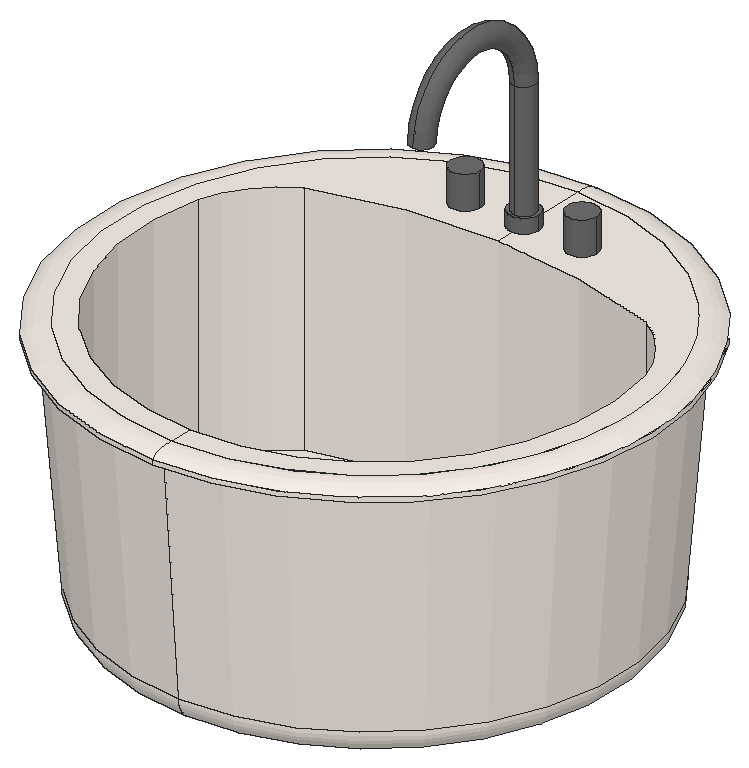
Revit family "M_Sink Vanity-Round", category 위생기구, Revit 2026
Family settings
  원형 커넥터 치수 = 지름 사용
  부품 유형 = 보통
  작업 기준면 기반 = 아니오
  뷰에서 절단 사용 = 아니오
  항상 수직 = 예
  로드될 때 보이드를 사용하여 절단 = 아니오
  주석 방향 유지 = 아니오
  공유 = 예
  룸 계산 점 = 아니오
Parameters (values of type "482 x 482mm")
  기본 높이 = 0.00 mm
  Basin Material = Porcelain - Linen
  Fixture Material = Metal - Steel, Polished
  Top Of Counter [instance] = 750.00 mm
Reference planes
  plane 1: z = 0
  plane 2 "Center (Left/Right)": x = 96.652
  plane 3 "Top Of Counter": z = 750
  plane 4: z = 759.525
  plane 5: x = -144.648
  plane 6: x = 337.952
  plane 7: y = 85.168
  plane 8: y = 326.468
  plane 9: y = -156.132
  plane 10: y = 136.253
  plane 11 "cold": x = 147.452
  plane 12 "hot": x = 45.852
  plane 13: y = 247.093
  plane 14 "sweep": x = 96.652
  plane 15: y = 247.093
  plane 16: z = 788.1
  plane 17: z = 534.1
  plane 18: z = 771.76
  plane 19: z = 555.284
Forms (mm)
  Revolve 1, solid, material "Porcelain - Linen" <- "Basin Material"
    sketch origin (96.652, 0, 0) x (0, 1, 0) y (0, 0, 1)
      loop
        line (326.468, 750) -> (326.468, 753.969)
        arc (326.468, 753.969) -> (316.651, 758.824) -> (305.722, 759.525) r 27.884
        line (305.722, 759.525) -> (85.168, 759.525) -> (85.168, 534.1) -> (277.462, 534.1)
        arc (277.462, 534.1) -> (292.221, 540.344) -> (298.018, 555.284) r 20.566
        line (298.018, 555.284) -> (314.561, 750) -> (326.468, 750)
      axis (85.168, 759.525) -> (85.168, 534.1)
    angle from 0 to 360
  Extrusion 2, solid, material "Metal - Steel, Polished" <- "Fixture Material"
    sketch origin (0, 0, 0) x (1, 0, 0) y (0, 1, 0)
      loop
        circle (147.452, 247.093) r 12.7
    from 788.1 to 759.525
  Extrusion 3, solid, material "Metal - Steel, Polished" <- "Fixture Material"
    sketch origin (-101.6, 0, 0) x (1, 0, 0) y (0, 1, 0)
      loop
        circle (147.452, 247.093) r 12.7
    from 788.1 to 759.525
  Extrusion 4, solid, material "Metal - Steel, Polished" <- "Fixture Material"
    sketch origin (-50.8, 0, 0) x (1, 0, 0) y (0, 1, 0)
      loop
        circle (147.452, 247.093) r 12.7
    from 759.525 to 771.76
  Sweep 5, solid, material "Metal - Steel, Polished" <- "Fixture Material"
    path origin (96.652, 0, 0) x (0, -1, 0) y (0, 0, 1)
      loop
        line (-247.093, 759.525) -> (-247.093, 872.238)
        arc (-247.093, 872.238) -> (-191.673, 927.658) -> (-136.253, 872.238) r 55.42
    profile origin (96.652, 0, 815.881) x (0, 1, 0) y (-1, 0, 0)
      loop
        circle (247.093, 0) r 9.525
  Extrusion 6, void
    sketch origin (0, 0, 0) x (1, 0, 0) y (0, 1, 0)
      loop
        arc (-52.153, 194.086) -> (-80.443, 169.371) -> (-98.17, 136.253) r 104.55
        arc (-98.17, 136.253) -> (96.652, -116.241) -> (291.474, 136.253) r 201.408
        arc (291.474, 136.253) -> (273.746, 169.371) -> (245.457, 194.086) r 104.55
        arc (245.457, 194.086) -> (96.652, 219.266) -> (-52.153, 194.086) r 452.283
    from 759.525 to 555.284
Cuts and joins
  Extrusion 6 cuts Revolve 1
  Extrusion 6 cuts Extrusion 2
  Extrusion 6 cuts Extrusion 3
  Extrusion 6 cuts Extrusion 4
  Extrusion 6 cuts Sweep 5
  joined: Extrusion 4, Sweep 5
Lines and regions (mm)
  Masking region 1
    outline origin (0, 0, 750) x (0, -1, 0) y (1, 0, 0)
      loop
        circle (-85.168, 96.652) r 241.3
  symbolic lines
    curve 1: arc (337.952, 85.168, 750) -> (96.652, 326.468, 750) -> (-144.648, 85.168, 750) r 241.3
    curve 2: arc (-144.648, 85.168, 750) -> (96.652, -156.132, 750) -> (337.952, 85.168, 750) r 241.3
    curve 3: arc (117.289, 85.168, 750) -> (96.652, 105.805, 750) -> (76.014, 85.168, 750) r 20.637
    curve 4: arc (76.014, 85.168, 750) -> (96.652, 64.53, 750) -> (117.289, 85.168, 750) r 20.637
    curve 5: arc (160.152, 247.093, 750) -> (147.452, 259.793, 750) -> (134.752, 247.093, 750) r 12.7
    curve 6: arc (134.752, 247.093, 750) -> (147.452, 234.393, 750) -> (160.152, 247.093, 750) r 12.7
    curve 7: arc (106.177, 247.093, 750) -> (96.652, 256.618, 750) -> (87.127, 247.093, 750) r 9.525
    curve 8: arc (58.552, 247.093, 750) -> (45.852, 259.793, 750) -> (33.152, 247.093, 750) r 12.7
    curve 9: arc (33.152, 247.093, 750) -> (45.852, 234.393, 750) -> (58.552, 247.093, 750) r 12.7
    curve 10: arc (-98.17, 136.253, 750) -> (96.652, -116.241, 750) -> (291.474, 136.253, 750) r 201.408
    curve 11: arc (-98.17, 136.253, 750) -> (-80.443, 169.371, 750) -> (-52.153, 194.086, 750) r 104.55
    curve 12: arc (291.474, 136.253, 750) -> (273.746, 169.371, 750) -> (245.457, 194.086, 750) r 104.55
    curve 13: arc (-52.153, 194.086, 750) -> (16.5, 212.107, 750) -> (87.127, 219.166, 750) r 452.283
    curve 14: line (87.127, 247.093, 750) -> (87.127, 136.253, 750)
    curve 15: line (106.177, 247.093, 750) -> (106.177, 136.253, 750)
    curve 16: arc (87.127, 136.253, 750) -> (96.652, 126.728, 750) -> (106.177, 136.253, 750) r 9.525
    curve 17: arc (106.177, 219.166, 750) -> (176.804, 212.107, 750) -> (245.457, 194.086, 750) r 452.283
Dimensions and locks
  locked: plane 4 to plane 3 "Top Of Counter" at 9.525
  locked: plane 5 to plane 2 "Center (Left/Right)" at 241.3
  locked: plane 2 "Center (Left/Right)" to plane 6 at 241.3
  plane 7 to plane 8 = 241.30 mm
  plane 9 to plane 7 = 241.30 mm
  locked: plane 12 "hot" to plane 2 "Center (Left/Right)" at 50.8
  locked: plane 2 "Center (Left/Right)" to plane 11 "cold" at 50.8
  locked: plane 13 to plane 8 at 79.375
  "Top Of Counter": plane 3 "Top Of Counter" to plane 1
  locked: plane 16 to plane 3 "Top Of Counter" at 38.1
  locked: plane 3 "Top Of Counter" to plane 17 at 215.9
  locked: plane 18 to plane 4 at 12.235
  locked: plane 19 to plane 17 at 21.184
  aligned and locked: plane 16 to Extrusion 2
  aligned and locked: plane 4 to Extrusion 2
  aligned and locked: Extrusion 2 to Extrusion 3
  aligned and locked: plane 4 to Extrusion 3
  aligned and locked: Revolve 1 sketch curve to plane 17
  aligned and locked: Extrusion 6 to plane 4
  aligned and locked: Extrusion 4 to plane 18
  aligned and locked: plane 4 to Extrusion 4
  aligned and locked: Masking region 1 sketch curve to curve 2
  aligned and locked: Revolve 1 to Extrusion 6
Automatic sketch dimensions
  Extrusion 2 sketch curve to plane 13 = 0.00 mm
  Extrusion 2 sketch curve to plane 11 "cold" = 0.00 mm
  Extrusion 2 sketch curve to Extrusion 2 sketch curve = 12.70 mm
  Extrusion 3 sketch curve to Extrusion 3 sketch curve = 12.70 mm
  Extrusion 3 sketch curve to plane 13 = 0.00 mm
  Extrusion 3 sketch curve to plane 11 "cold" = 101.60 mm
  Extrusion 4 sketch curve to Extrusion 4 sketch curve = 12.70 mm
  Extrusion 4 sketch curve to plane 13 = 0.00 mm
  Extrusion 4 sketch curve to plane 11 "cold" = 50.80 mm
  Sweep 5 sketch curve to plane 13 = 0.00 mm
  Sweep 5 sketch curve to plane 10 = 0.00 mm
  Sweep 5 sketch curve to plane 4 = 0.00 mm
  Sweep 5 sketch curve to plane 3 "Top Of Counter" = 122.238 mm
  Sweep 5 sketch curve to plane 14 "sweep" = 0.00 mm
  Sweep 5 sketch curve to profile plane = 0.00 mm
  profile plane to Sweep 5 sketch curve = 9.525 mm
  Revolve 1 sketch curve to plane 7 = 0.00 mm  (x2)
  Revolve 1 sketch curve to level = 0.00 mm
  Revolve 1 sketch curve to plane 4 = 0.00 mm  (x2)
  Revolve 1 sketch curve to plane 3 "Top Of Counter" = 0.00 mm
  Revolve 1 sketch curve to plane 8 = 0.00 mm
  plane 8 to Revolve 1 sketch curve = 49.006 mm
  Revolve 1 sketch curve to Revolve 1 sketch curve = 20.556 mm
  plane 8 to Revolve 1 sketch curve = 20.745 mm
  Revolve 1 sketch curve to Revolve 1 sketch curve = 17.03 mm
  plane 8 to Revolve 1 sketch curve = 11.906 mm
  Revolve 1 sketch curve to Revolve 1 sketch curve = 20.566 mm
  Revolve 1 sketch curve to Revolve 1 sketch curve = 18.111 mm
  Extrusion 6 sketch curve to plane 10 = 0.00 mm  (x2)
  Extrusion 6 sketch curve to plane 2 "Center (Left/Right)" = 0.00 mm  (x2)
  Extrusion 6 sketch curve to plane 7 = 0.00 mm
  Extrusion 6 sketch curve to plane 7 = 19.108 mm  (x2)
  Extrusion 6 sketch curve to plane 2 "Center (Left/Right)" = 95.283 mm
  Extrusion 6 sketch curve to Extrusion 6 sketch curve = 53.522 mm
  Extrusion 6 sketch curve to Extrusion 6 sketch curve = 46.017 mm
  plane 2 "Center (Left/Right)" to Extrusion 6 sketch curve = 95.283 mm
  plane 9 to Extrusion 6 sketch curve = 76.885 mm
  curve 1 to curve 3 = 0.00 mm  (x2)
  curve 1 to curve 10 = 0.00 mm  (x2)
  curve 13 to curve 17 = 0.00 mm  (x2)
  curve 9 to plane 12 "hot" = 0.00 mm
  curve 9 to plane 13 = 0.00 mm
  curve 15 to plane 13 = 0.00 mm
  curve 6 to plane 13 = 0.00 mm
  curve 15 to plane 10 = 0.00 mm
  curve 10 to plane 10 = 0.00 mm
  curve 11 to plane 10 = 0.00 mm
  curve 3 to plane 7 = 0.00 mm
  curve 13 to plane 2 "Center (Left/Right)" = 0.00 mm
  curve 1 to plane 5 = 0.00 mm
  curve 4 to plane 2 "Center (Left/Right)" = 0.00 mm
  curve 16 to plane 2 "Center (Left/Right)" = 0.00 mm
  curve 5 to plane 11 "cold" = 0.00 mm
  curve 7 to curve 13 = 27.927 mm
  curve 17 to curve 13 = 0.00 mm
  plane 13 to curve 12 = 53.007 mm
  curve 12 to plane 7 = 19.108 mm
  curve 11 to plane 7 = 19.108 mm
  curve 11 to plane 5 = 46.478 mm
  curve 10 to curve 11 = 46.017 mm
  curve 8 to plane 12 "hot" = 12.70 mm
  curve 3 to plane 2 "Center (Left/Right)" = 20.637 mm
  curve 14 to plane 2 "Center (Left/Right)" = 9.525 mm
  curve 6 to plane 11 "cold" = 12.70 mm
  plane 11 "cold" to curve 12 = 44.483 mm
